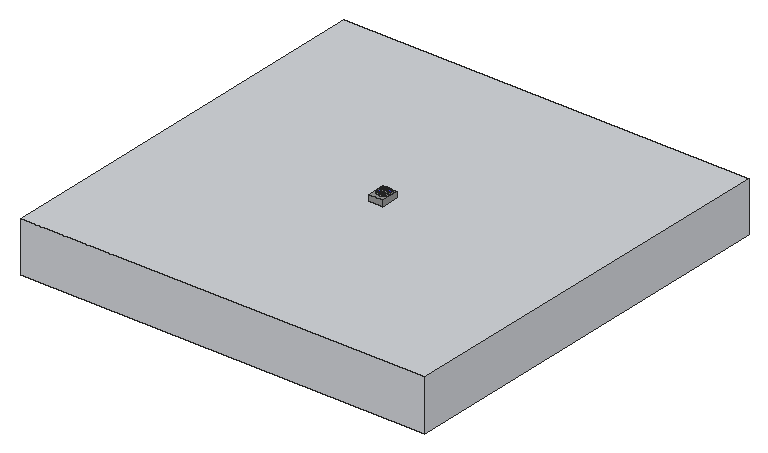
Revit family "Hekatron_Feststellanlagen_THM 433-1_DE_22.01", category Brandmelder, Revit 2018
Family settings
  Basisbauteil = Fläche
  Beschriftungsausrichtung beibehalten = Nein
  Bemaßung runder Anschluss = Durchmesser verwenden
  Teiletyp = Normal
  Beim Laden mit Abzugskörper schneiden = Nein
  Gemeinsam genutzt = Nein
  Raumberechnungspunkt = Nein
Parameters (values of type "THM 433/1")
  Zulässige Umgebungstemperatur = " 0 °C bis +50 °C"
  Zulässige Luftgeschwindigkeit = ""
  Zulassungen nach EN 54 = ""
  Width [instance] = 85 mm
  Version des BIM Objektes = "22.01"
  VdS-Anerkennung = ""
  URL = "https://www.hekatron-brandschutz.de"
  UB A&S Artikel Nummer = "6500097"
  Typenkommentare = "Türhaftmagnet THM 433-1"
  Tiefe (mm) = "85.0"
  Stromaufnahme = "max. 63mA"
  Schutzart = "IP 40"
  Rauchteil einstellbar = ""
  Nettogewicht (g) = ""
  Montageart = "Aufputz"
  Modell = "THM 433/1"
  Material = "Kunststoff"
  Link zum Datenblatt = ""
  Link zu ausschreiben.de = "http://www.ausschreiben.de/katalog/Hekatron/position/64"
  Link zu Produktinformation = "https://www.hekatron-planungstools.de/Produktinfo/THM_433-1.PDF"
  Link zu Ausschreibungstext = "https://www.hekatron-planungstools.de/LVTexte/THM_433-1.pdf"
  Leistungserklärung (DoP) = "CPR-31-13-501-de-en"
  Lautstärke DIN-Ton (dB) = ""
  Kabeleinführung = "unten, hinten"
  Höhe (mm) = "105.0"
  Hersteller = "Hekatron"
  Heigth [instance] = 105 mm
  Funktionsprinzip = ""
  Farbe = "weiß"
  Ex-Zonen = ""
  Einstellung Temperaturklasse nach EN 54-5 = ""
  Einstellung Temperaturindex nach EN 54-5 = ""
  Einstellung Rauchempfindlichkeit nach EN 54-20 = ""
  Einstellen Rauchempfindlichkeit nach EN 54-7 = ""
  EG-Konformitätszertifikat / Zertifikat der Leistungsbeständigkeit = "0786-CPR-21370"
  Durchmesser (mm) = ""
  Depth [instance] = 42.5 mm
  Default Elevation = 1219.2 mm
  Breite (mm) = "42.5"
  Betriebsspannung = "24 V DC"
  Beschreibung = "Türhaftmagnet mit verdeckten Anschlussklemmen. Mit Verpolschutz und Löschdiode. Passend zur Ankerplatte ASS 75."
  Bauartgenehmigungen = "Z-6.500-2325, Z-6.500-2359, Z-6.500-2393, Z-6.500-2394, Z-6.500-2414, Z-6.500-2415, Z-6.500-2365, Z-6.500-2403, Z-6.500-2419, Z-6.500-2298, Z-6.500-2442, Z-6.500-2444, Z-6.500-2451, Z-6.500-2452, Z-6.500-2454, Z-6.500-2459, Z-6.500-2499, Z-6.500-2515"
  Anzahl Ansaugleitungen = ""
  Ansprechtemperatur = ""
  Alarm- & Empfindlichkeitsbereich = ""
Reference planes
  plane 1 "Center (Front/Back)": y = 0
  plane 2: z = 0
  plane 3 "Center (Left/Right)": x = 0
Forms (mm)
  Extrusion 1, solid
    sketch origin (0, 0, 0) x (1, 0, 0) y (0, 1, 0)
      loop
        line (-1219.2, 1219.2) -> (-1219.2, -1219.2) -> (1219.2, -1219.2) -> (1219.2, 1219.2) -> (-1219.2, 1219.2)
    from 0 to -304.8
  Extrusion 2, solid, material "PC/ABS Plastic"
    sketch origin (0, 0, 0) x (1, 0, 0) y (0, 1, 0)
      loop
        line (-42.5, 42.5) -> (-42.5, -62.5) -> (42.5, -62.5) -> (42.5, 42.5) -> (-42.5, 42.5)
    from 0.5 to 35.5
  Extrusion 3, solid, material "PC/ABS Plastic"
    sketch origin (0, 0, 0) x (1, 0, 0) y (0, 1, 0)
      loop
        line (42, 42) -> (-42, 42) -> (-42, -62) -> (42, -62) -> (42, 42)
      loop
        circle (-25, 32.5) r 2.25
      loop
        circle (25, 32.5) r 2.25
      loop
        circle (-25, -32.5) r 2.25
      loop
        circle (25, -32.5) r 2.25
    from 0 to 0.5
  Blend 4, solid, material "PC/ABS Plastic"
    base sketch origin (0, 0, 0) x (1, 0, 0) y (0, 1, 0)
      loop
        circle (0, 0) r 39
    top sketch origin (0, 0, 0) x (1, 0, 0) y (0, 1, 0)
      loop
        circle (0, 0) r 36
    from 35.5 to 40
  Extrusion 5, solid, material "Stainless Steel"
    sketch origin (0, 0, 0) x (1, 0, 0) y (0, 1, 0)
      loop
        circle (0, 0) r 35
      loop
        circle (0, 0) r 30
    from 35.5 to 42.5
  Extrusion 6, void
    sketch origin (0, 0, 0) x (1, 0, 0) y (0, 1, 0)
      loop
        circle (0, 0) r 35
    from 35.5 to 52.288
  Extrusion 7, solid, material "Neodymium"
    sketch origin (0, 0, 0) x (1, 0, 0) y (0, 1, 0)
      loop
        circle (0, 0) r 30
      loop
        circle (0, 0) r 18.5
    from 35.5 to 42.5
  Extrusion 8, solid, material "Silver"
    sketch origin (0, 0, 0) x (1, 0, 0) y (0, 1, 0)
      loop
        circle (0, 0) r 18.5
      loop
        circle (0, 0) r 3.019
    from 35.5 to 42.5
  Extrusion 9, solid, material "Brass, Soft Yellow"
    sketch origin (0, 0, 0) x (1, 0, 0) y (0, 1, 0)
      loop
        circle (0, 0) r 3.019
    from 35.5 to 42.5
Cuts and joins
  Extrusion 6 cuts Blend 4
  joined: Extrusion 2, Blend 4
Dimensions and locks
  "Width": cut or joined group of Extrusion 2, Blend 4, Extrusion 6 to cut or joined group of Extrusion 2, Blend 4, Extrusion 6
  "Heigth": cut or joined group of Extrusion 2, Blend 4, Extrusion 6 to cut or joined group of Extrusion 2, Blend 4, Extrusion 6
  "Depth": Extrusion 5 to Extrusion 1
  aligned and locked: plane 2 to Extrusion 1
  aligned and locked: level to Extrusion 1
Automatic sketch dimensions
  Extrusion 1 sketch curve to Extrusion 1 sketch curve = 2438.4 mm  (x2)
  Extrusion 2 sketch curve to plane 3 "Center (Left/Right)" = 42.5 mm
  plane 3 "Center (Left/Right)" to Extrusion 2 sketch curve = 42.5 mm
  plane 1 "Center (Front/Back)" to Extrusion 2 sketch curve = 62.5 mm
  Extrusion 2 sketch curve to plane 1 "Center (Front/Back)" = 42.5 mm
  Extrusion 3 sketch curve to plane 3 "Center (Left/Right)" = 42 mm
  Extrusion 3 sketch curve to Extrusion 3 sketch curve = 17 mm  (x2)
  Extrusion 3 sketch curve to plane 3 "Center (Left/Right)" = 25 mm
  plane 3 "Center (Left/Right)" to Extrusion 3 sketch curve = 25 mm  (x2)
  plane 1 "Center (Front/Back)" to Extrusion 3 sketch curve = 62 mm
  plane 1 "Center (Front/Back)" to Extrusion 3 sketch curve = 32.5 mm  (x2)
  Extrusion 3 sketch curve to plane 1 "Center (Front/Back)" = 32.5 mm  (x2)
  Extrusion 3 sketch curve to Extrusion 3 sketch curve = 9.5 mm
  plane 1 "Center (Front/Back)" to Blend 4 sketch curve = 0 mm  (x2)
  Blend 4 sketch curve to plane 3 "Center (Left/Right)" = 0 mm  (x2)
  Extrusion 5 sketch curve to Extrusion 5 sketch curve = 0 mm  (x2)
  plane 1 "Center (Front/Back)" to Extrusion 5 sketch curve = 0 mm
  Extrusion 5 sketch curve to plane 3 "Center (Left/Right)" = 0 mm
  plane 1 "Center (Front/Back)" to Extrusion 6 sketch curve = 0 mm
  Extrusion 6 sketch curve to plane 3 "Center (Left/Right)" = 0 mm
  Extrusion 7 sketch curve to Extrusion 7 sketch curve = 0 mm  (x2)
  plane 1 "Center (Front/Back)" to Extrusion 7 sketch curve = 0 mm
  Extrusion 7 sketch curve to plane 3 "Center (Left/Right)" = 0 mm
  Extrusion 8 sketch curve to Extrusion 8 sketch curve = 0 mm  (x2)
  plane 1 "Center (Front/Back)" to Extrusion 8 sketch curve = 0 mm
  Extrusion 8 sketch curve to plane 3 "Center (Left/Right)" = 0 mm
  plane 1 "Center (Front/Back)" to Extrusion 9 sketch curve = 0 mm
  Extrusion 9 sketch curve to plane 3 "Center (Left/Right)" = 0 mm
  radius of Extrusion 3 sketch curve = 2.25 mm  (x4)
  radius of Blend 4 sketch curve = 39 mm
  radius of Blend 4 sketch curve = 36 mm
  radius of Extrusion 5 sketch curve = 35 mm
  radius of Extrusion 5 sketch curve = 30 mm
  radius of Extrusion 6 sketch curve = 35 mm
  radius of Extrusion 7 sketch curve = 30 mm
  radius of Extrusion 7 sketch curve = 18.5 mm
  radius of Extrusion 8 sketch curve = 18.5 mm
  radius of Extrusion 8 sketch curve = 3.019 mm
  radius of Extrusion 9 sketch curve = 3.019 mm
Connectors
  electrical at (0, 0, 0)
    settings: index 1, voltage 0 V, apparent load 0 VA, apparent load phase1 0 VA, apparent load phase2 0 VA, apparent load phase3 0 VA, power factor 1, load classification "Other", number of poles 1, system type 11, power factor state 1, is connector primary yes, connector utility no, sub classification motor no, connector description ""
